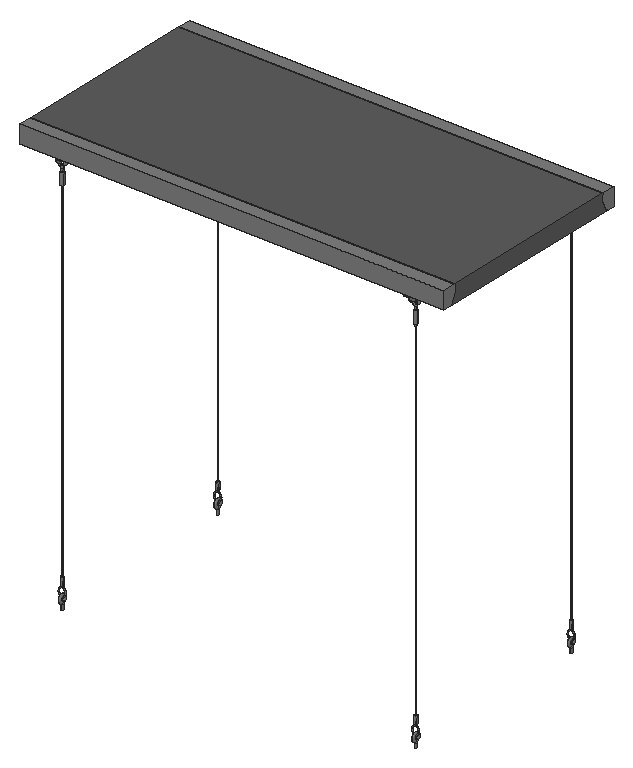
Revit family "Acoustic_Panels_Stratus_Primacoustic", category Generic Models, host Face, Revit 2026
Family settings
  Host = Face
  Can host rebar = No
  Round Connector Dimension = Use Diameter
  Part Type = Normal
  Cut with Voids When Loaded = No
  Maintain Annotation Orientation = No
  Shared = No
  Room Calculation Point = No
Parameters (values of type "Z840-1200-00")
  This panel is also available in kit form = yes
  Panel X1 [instance] = (Panel Width - 8.000") * sin(Panel Angle)  # 0.000"
  Panel Width = 48.000"
  URL = "https://www.primacoustic.com/"
  Panel Thickness = 2.000"
  Surface Area Coverage = "8 sq-ft (0.7 sq-meters)"  # constant formula
  Specification = "https://www.arcat.com/company/primacoustic-a-division-of-radial-engineering-ltd-53699/spec"
  Product name = "Stratus Studio Ceiling Cloud"
  Product Page URL = "https://www.arcat.com/arcatcos/cos53/arc53699.html"
  Part # = "Z840-1200-00"
  Panels per box = "1"
  Panel Material = 00_Black
  Panel Core Material = Panel Core
  Name = "Stratus"
  Model = "Z840-1200-00"
  Manufacturer = "Primacoustic"  # constant formula
  Keynote = "09 80 00"
  Hook Material = Hook
  Height X2 [instance] = Wire Length + Panel X1  # 46.000"
  Wire Length [instance] = 46.000"
  Finish = "Fabric"
  Edge options = "Square"
  Description = "Stratus Studio Ceiling Cloud"
  Panel Depth = 24.000"
  Default Elevation = 0.000"
  Datasheet = "https://www.primacoustic.com/wp-content/uploads/Stratus-EDS-08-2021.pdf"
  Copyright = "©Arcat Inc."  # constant formula
  Distance 1 [instance] = (Panel Width) / cos(Panel Angle)  # 48.000"
  Panel Angle [instance] = 0.00°
  CAD Details = "https://www.arcat.com/company/primacoustic-a-division-of-radial-engineering-ltd-53699/cad"
  Angle [instance] = if(Panel Angle < 0.00°, 0.00°, if(Panel Angle > 65.00°, 65.00°, Panel Angle))  # 0.00°
Types (4): name | Specification | Part # | Panel Material | Model
  Z840-1200-00 | "https://www.arcat.com/company/primacoustic-a-division-of-radial-engineering-ltd-53699/spec" | "Z840-1200-00" | 00_Black | "Z840-1200-00"
  Z840-1200-03 | "https://www.arcat.com/company/primacoustic-a-division-of-radial-engineering-ltd-53699/spec" | "Z840-1200-03" | 03_Beige | "Z840-1200-03"
  Z840-1200-08 | "https://www.arcat.com/company/primacoustic-a-division-of-radial-engineering-ltd-53699/spec" | "Z840-1200-08" | 08_Gray | "Z840-1200-08"
  Z840-1200-09 | "https://www.arcat.com/company/primacoustic-a-division-of-radial-engineering-ltd-53699/spec\r\nhttps://www.arcat.com/company/primacoustic-a-division-of-radial-engineering-ltd-53699/spec\r\nhttps://www.arcat.com/company/primacoustic-a-division-of-radial-engineering-ltd-53699/spec" | "Z840-1200-09" | 09_Paintable | "Z840-1200-09"
Reference planes (in)
  plane 1 "Center (Front/Back)": y = 12.70366
  plane 2: z = 0
  plane 3 "Center (Left/Right)": x = 0
  plane 4: y = 25.40732
  plane 5: y = 1.40732
  plane 6: x = -24
  plane 7: x = 24
  plane 8: x = 20
  plane 9: y = 21.40732
  plane 10: x = -20
  plane 11: y = 5.40732
  plane 12: z = 46
Lines and regions (in)
  reference lines
    curve 1: line (20, 12.70366, 46) -> (-111, 12.70366, 46)
Dimensions and locks (in)
  equal spacing: plane 6, plane 3 "Center (Left/Right)", plane 7
  plane 4 to plane 1 "Center (Front/Back)" to plane 5 = 12.70366", 11.29634"
  "Panel Depth": plane 4 to plane 5
  "Panel Width": plane 6 to plane 7
  locked: plane 4 to plane 9 at 4
  locked: plane 11 to plane 5 at 4
  locked: plane 6 to plane 10 at 4
  locked: plane 8 to plane 7 at 4
  "Wire Length": plane 12 to plane 2
  "Angle": angle curve 1 to plane 12
  aligned and locked: plane 2 to host face
  aligned and locked: level to host face
  aligned and locked: plane 12 to curve 1
  aligned and locked: plane 8 to curve 1
  aligned and locked: plane 9 to nested 1
Automatic sketch dimensions
  host sketch curve to host sketch curve = 0.11454"
  host sketch curve to host sketch curve = 0.06834"
Nested families (in)
  nested 1: "Stratus-Z840-1200-xx_Primacoustic" at (0, -13.59268, 46), type "Z840-1200-XX"
Definition of nested family "Stratus-Z840-1200-xx_Primacoustic"
  Parameters (values of type "Z840-1200-XX")
    Width = 48.000"
    URL = "https://www.primacoustic.com/"
    Thickness = 2.000"
    Test Data = ""
    Surface Area Coverage = ""
    Specification = ""
    SpecWizard = ""
    Slope = 0.00°
    Send Message = ""
    Sales Information = ""
    Rod Height = 46.000"
    Product name = ""
    Product Properties = ""
    Product Page URL = ""
    Product Documentation Link = ""
    Product Data = ""
    Part # = ""
    Panels per box = ""
    Panel Material = none
    Panel Core Material = none
    Model = ""
    Material = none
    Manufacturer Website = ""
    Manufacturer Phone - Toll Free = ""
    Manufacturer Phone = ""
    Manufacturer Fax = ""
    Manufacturer Address = ""
    Manufacturer = "Primacoustic"  # constant formula
    Installation-Fabrication = ""
    Hook Material = none
    Rod Height1 = 46.000"
    Green Building-LEED = ""
    Edge options = ""
    Description = ""
    Depth = 24.000"
    Default Elevation = 0.000"
    Copyright = "©Arcat Inc."  # constant formula
    Construction Details = ""
    Building Codes = ""
  Reference planes (in)
    plane 1 "Center (Front/Back)": y = 12
    plane 2: z = -0.58902
    plane 3 "Center (Left/Right)": x = 0
    plane 4: x = -24
    plane 5: x = 24
    plane 6: y = 36
    plane 7: y = 35
    plane 8: x = -20
    plane 9: x = 20
    plane 10: y = 24
    plane 11: y = 13
    plane 12: y = 34.5
    plane 13: y = 13.5
    plane 14: x = 22.5
    plane 15: x = -22.5
    plane 16 "Front Face": z = 2
    plane 17 "Rear Plane": z = 0
    plane 18: z = 1.25
    plane 19: z = -0.58902
    plane 20: z = -0.2997
    plane 21: z = -0.61254
    plane 22: y = 35.5
    plane 23: y = 12.5
    plane 24: x = -23.875
    plane 25: x = 23.875
    plane 26: y = 35.875
    plane 27: y = 12.125
    plane 28: x = -19.65625
    plane 29: x = 19.656
    plane 30: z = -0.80444
  Forms (in)
    Extrusion 1, solid
      sketch origin (0, 0, 0) x (1, 0, 0) y (0, 1, 0)
        loop
          line (-0.03191, 32.0173) -> (-0.03191, 31.98511) -> (0, 31.98511) -> (0, 32.0173) -> (-0.03191, 32.0173)
      from -0.58902 to -0.63964
    Extrusion 2, solid, material <- "Hook Material"
      sketch origin (20.01781, 32.01048, 0) x (0, -1, 0) y (-1, 0, 0)
        loop
          circle (-3.48952, 0.36181) r 0.125
      from 0 to 0.2997
    Extrusion 3, solid, material <- "Hook Material"
      sketch origin (-19.98219, 32.01048, 0) x (0, -1, 0) y (-1, 0, 0)
        loop
          circle (-3.48952, -0.32594) r 0.125
      from 0 to 0.2997
    Extrusion 4, solid, material <- "Hook Material"
      sketch origin (20.01781, -55.98952, 0) x (0, -1, 0) y (-1, 0, 0)
        loop
          circle (-68.48952, 0.36181) r 0.125
      from 0 to 0.2997
    Extrusion 5, solid, material <- "Hook Material"
      sketch origin (-19.98219, -55.98952, 0) x (0, -1, 0) y (-1, 0, 0)
        loop
          circle (-68.48952, -0.32594) r 0.125
      from 0 to 0.2997
    Sweep 6, solid, material <- "Hook Material"
      path origin (0, 0, 0) x (1, 0, 0) y (0, 1, 0)
        loop
          line (24, 36) -> (-24, 36)
      profile origin (0, 36, 0) x (0, -1, 0) y (0, 0, 1)
        loop
          line (0, 2) -> (0, 0) -> (1, 0) -> (1.5, 1.25) -> (1.5, 2) -> (0, 2)
    Sweep 7, solid, material <- "Hook Material"
      path origin (0, 48, 0) x (1, 0, 0) y (0, -1, 0)
        loop
          line (24, 36) -> (-24, 36)
      profile origin (0, 12, 0) x (0, -1, 0) y (0, 0, 1)
        loop
          line (0, 2) -> (-1.5, 2) -> (-1.5, 1.25) -> (-1, 0) -> (0, 0) -> (0, 2)
    Sweep 8, solid, material <- "Hook Material"
      path origin (0, 0, 0) x (1, 0, 0) y (0, 1, 0)
        loop
          line (20, 12.125) -> (20, 35.875)
      profile origin (20, 24, 0) x (-1, 0, 0) y (0, 0, 1)
        loop
          line (-0.0625, -0.73754) -> (0.0625, -0.73754) -> (0.0625, -0.25) -> (0.61254, -0.25) -> (0.61254, -0.125) -> (-0.0625, -0.125) -> (-0.0625, -0.73754)
    Sweep 9, solid, material <- "Hook Material"
      path origin (0, 0, 0) x (-1, 0, 0) y (0, 1, 0)
        loop
          line (20, 12.125) -> (20, 35.875)
      profile origin (-20, 24, 0) x (-1, 0, 0) y (0, 0, 1)
        loop
          line (0.0625, -0.73754) -> (0.0625, -0.125) -> (-0.61254, -0.125) -> (-0.61254, -0.25) -> (-0.0625, -0.25) -> (-0.0625, -0.73754) -> (0.0625, -0.73754)
    Extrusion 10, void
      sketch origin (0, 0, 0) x (0, 1, 0) y (0, 0, 1)
        loop
          line (36, -0.2997) -> (35.5, -0.80444) -> (36, -0.80444) -> (36, -0.2997)
        loop
          circle (35, -0.48513) r 0.18019
        loop
          line (12, -0.2997) -> (12, -0.80444) -> (12.5, -0.80444) -> (12, -0.2997)
        loop
          circle (13, -0.48513) r 0.18019
        loop
          circle (14.5, -0.48513) r 0.18019
        loop
          circle (33.5, -0.48513) r 0.18019
      from -22.5 to 22.5
    Extrusion 11, solid, material <- "Panel Material"
      sketch origin (0, 0, 0) x (0, 1, 0) y (0, 0, 1)
        loop
          line (13.5, 2) -> (13.5, 1.25) -> (13, 0) -> (35, 0) -> (34.5, 1.25) -> (34.5, 2) -> (13.5, 2)
      from -24 to 24
  Cuts and joins
    Extrusion 10 cuts Sweep 9
    Extrusion 10 cuts Sweep 8
  Lines and regions (in)
    reference lines
      curve 1: line (-20, 13, -0.58902) -> (-20, 13, -186.58902)
      curve 2: line (-20, 32, -0.58902) -> (-20, 32, -148.58902)
      curve 3: line (20, 13, -0.58902) -> (20, 13, -186.58902)
      curve 4: line (20, 32, -0.58902) -> (20, 32, -148.58902)
  Dimensions and locks (in)
    equal spacing: plane 4, plane 3 "Center (Left/Right)", plane 5
    "Width": plane 4 to plane 5
    plane 4 to plane 8 = 4.000"
    locked: plane 7 to plane 6 at 1
    plane 9 to plane 5 = 4.000"
    equal spacing: plane 1 "Center (Front/Back)", plane 10, plane 6
    "Depth": plane 1 "Center (Front/Back)" to plane 6
    locked: plane 1 "Center (Front/Back)" to plane 11 at 1
    locked: plane 12 to plane 6 at 1.5
    locked: plane 1 "Center (Front/Back)" to plane 13 at 1.5
    locked: plane 14 to plane 5 at 1.5
    locked: plane 4 to plane 15 at 1.5
    locked: plane 18 to plane 16 "Front Face" at 0.75
    "Thickness": plane 16 "Front Face" to plane 17 "Rear Plane"
    locked: plane 17 "Rear Plane" to plane 19 at 0.58902
    plane 20 to plane 19 to plane 21 = 0.28932" locked, 0.02352" locked
    locked: plane 22 to plane 6 at 0.5
    locked: plane 1 "Center (Front/Back)" to plane 23 at 0.5
    locked: plane 25 to plane 5 at 0.125
    locked: plane 4 to plane 24 at 0.125
    locked: plane 26 to plane 6 at 0.125
    locked: plane 1 "Center (Front/Back)" to plane 27 at 0.125
    locked: plane 8 to plane 28 at 0.34375
    locked: plane 29 to plane 9 at 0.344
    locked: plane 21 to plane 30 at 0.19189
    locked: Extrusion 10 sketch curve to plane 11 at 1.5
    locked: plane 7 to Extrusion 10 sketch curve at 1.5
    "Slope": angle plane 8 to curve 2
    "Slope": angle plane 8 to curve 1
    "Slope": angle plane 9 to curve 3
    "Slope": angle plane 9 to curve 4
    aligned and locked: plane 2 to Extrusion 1
    aligned and locked: plane 19 to curve 1
    aligned and locked: plane 19 to curve 2
    aligned and locked: plane 8 to curve 2
    aligned and locked: plane 2 to plane 19
    aligned and locked: plane 19 to curve 3
    aligned and locked: plane 19 to curve 4
    aligned and locked: plane 9 to curve 4
    aligned and locked: plane 11 to curve 3
    aligned and locked: plane 11 to curve 1
    aligned and locked: curve 2 to curve 1
    aligned and locked: curve 4 to curve 3
    aligned and locked: Sweep 6 sketch curve to plane 6
    aligned and locked: plane 16 "Front Face" to Sweep 6 sketch curve
    aligned and locked: plane 6 to Sweep 6 sketch curve
    aligned and locked: Sweep 6 sketch curve to plane 12
    aligned and locked: plane 9 to Sweep 8 sketch curve  (x2)
    aligned and locked: plane 8 to Sweep 9 sketch curve
    aligned and locked: plane 28 to Extrusion 5 sketch curve
    aligned and locked: plane 29 to Extrusion 4 sketch curve
    aligned and locked: plane 29 to Extrusion 2 sketch curve
    aligned and locked: plane 28 to Extrusion 3 sketch curve
    aligned and locked: Extrusion 4 to plane 20
    aligned and locked: Extrusion 2 to plane 20
    aligned and locked: Extrusion 5 to plane 20
    aligned and locked: Extrusion 3 to plane 20
    aligned and locked: plane 26 to Sweep 8 sketch curve
    aligned and locked: plane 27 to Sweep 8 sketch curve
    aligned and locked: plane 26 to Sweep 9 sketch curve
    aligned and locked: plane 27 to Sweep 9 sketch curve
    aligned and locked: plane 23 to Extrusion 5 sketch curve
    aligned and locked: plane 23 to Extrusion 4 sketch curve
    aligned and locked: plane 22 to Extrusion 2 sketch curve
    aligned and locked: plane 22 to Extrusion 3 sketch curve
    aligned and locked: plane 6 to Extrusion 10 sketch curve
    aligned and locked: plane 30 to Extrusion 10 sketch curve  (x4)
    aligned and locked: plane 7 to Extrusion 10 sketch curve
    aligned and locked: plane 20 to Extrusion 10 sketch curve  (x2)
    aligned and locked: Extrusion 10 sketch curve to plane 1 "Center (Front/Back)"
    aligned and locked: plane 11 to Extrusion 10 sketch curve
    aligned and locked: plane 15 to Extrusion 10
    aligned and locked: Extrusion 10 to plane 14
    aligned and locked: plane 5 to Sweep 6 sketch curve
    aligned and locked: plane 4 to Sweep 6 sketch curve
    aligned and locked: plane 18 to Sweep 6 sketch curve
    aligned and locked: plane 12 to Sweep 6 sketch curve
    aligned and locked: plane 17 "Rear Plane" to Sweep 6 sketch curve
    aligned and locked: plane 7 to Sweep 6 sketch curve
    aligned and locked: Sweep 7 sketch curve to plane 1 "Center (Front/Back)"
    aligned and locked: plane 5 to Sweep 7 sketch curve
    aligned and locked: plane 4 to Sweep 7 sketch curve
    aligned and locked: Sweep 7 sketch curve to plane 16 "Front Face"
    aligned and locked: plane 13 to Sweep 7 sketch curve  (x2)
    aligned and locked: plane 1 "Center (Front/Back)" to Sweep 7 sketch curve
    aligned and locked: plane 18 to Sweep 7 sketch curve
    aligned and locked: plane 17 "Rear Plane" to Sweep 7 sketch curve
    aligned and locked: plane 11 to Sweep 7 sketch curve
    aligned and locked: plane 16 "Front Face" to Extrusion 11 sketch curve
    aligned and locked: plane 12 to Extrusion 11 sketch curve  (x2)
    aligned and locked: Extrusion 11 sketch curve to plane 13
    aligned and locked: Extrusion 11 to plane 5
    aligned and locked: Extrusion 11 to plane 4
    aligned and locked: plane 18 to Extrusion 11 sketch curve  (x2)
    aligned and locked: plane 13 to Extrusion 11 sketch curve
    aligned and locked: Extrusion 11 sketch curve to plane 17 "Rear Plane"
    aligned and locked: plane 7 to Extrusion 11 sketch curve
    aligned and locked: plane 11 to Extrusion 11 sketch curve
    aligned and locked: plane 17 "Rear Plane" to Extrusion 11 sketch curve
  Automatic sketch dimensions
    Extrusion 1 sketch curve to Extrusion 1 sketch curve = 0.03191"
    Extrusion 1 sketch curve to Extrusion 1 sketch curve = 0.03219"
    profile plane to Sweep 8 sketch curve = 0.0625"
    Sweep 8 sketch curve to profile plane = 0.0625"
    Sweep 8 sketch curve to level = 0.250"
    Sweep 8 sketch curve to Sweep 8 sketch curve = 0.55004"
    Sweep 8 sketch curve to Sweep 8 sketch curve = 0.48754"
    Sweep 8 sketch curve to level = 0.125"
    Sweep 9 sketch curve to level = 0.250"
    profile plane to Sweep 9 sketch curve = 0.61254"
    profile plane to Sweep 9 sketch curve = 0.0625"
    Sweep 9 sketch curve to profile plane = 0.0625"
    Sweep 9 sketch curve to Sweep 9 sketch curve = 0.48754"
    Sweep 9 sketch curve to level = 0.125"
    plane 23 to Extrusion 10 sketch curve = 0.000"
    plane 2 to Extrusion 10 sketch curve = 0.10389"  (x4)
    plane 22 to Extrusion 10 sketch curve = 0.000"
    radius of Extrusion 2 sketch curve = 0.125"
    radius of Extrusion 5 sketch curve = 0.125"
    radius of Extrusion 3 sketch curve = 0.125"
    radius of Extrusion 4 sketch curve = 0.125"
    radius of Extrusion 10 sketch curve = 0.18019"  (x4)
  Nested families (in)
    nested 1: "Slipnot" at (-20, 13, -33.99134) x (0, 1, 0) z (0, 0, 1), type "Slipnot"
      with Length 46.000"
    nested 2: "Slipnot" at (-20, 35, -33.99134) x (0, 1, 0) z (0, 0, 1), type "Slipnot"
      with Length 46.000"
    nested 3: "Slipnot" at (20, 13, -33.97847) x (0, 1, 0) z (0, 0, 1), type "Slipnot 3"
      with Length 46.000"
    nested 4: "Slipnot" at (20, 35, -33.97847) x (0, 1, 0) z (0, 0, 1), type "Slipnot 3"
      with Length 46.000"
  Definition of nested family "Slipnot"
    Parameters (values of type "Slipnot")
      Material = none
      Length = 44.000"
      Default Elevation = 48.000"
    Types (2): name | Length
      Slipnot | 44.000"
      Slipnot 3 | 36.000"
    Reference planes (in)
      plane 1 "Center (Front/Back)": y = 0
      plane 2: z = -7.33113
      plane 3 "Center (Left/Right)": x = 0
      plane 4: z = 33.12891
      plane 5: z = -6.92938
      plane 6: z = 32.62156
      plane 7: z = 30.62872
      plane 8: z = 32.30495
      plane 9: z = 30.9612
      plane 10: z = -6.92938
      plane 11: z = -7.72603
      plane 12: z = -7.33113
      plane 13: z = 33.4063
      plane 14: z = -9.95414
      plane 15: z = 34.04586
      plane 16: z = -8.45414
      plane 17: z = -9.75734
      plane 18: z = -10.20414
    Forms (in)
      Revolve 1, solid, material <- "Material"
        sketch origin (0, 0, -0.60745) x (0, 1, 0) y (0, 0, 1)
          loop
            line (0, -6.32193) -> (-0.15, -6.32193) -> (-0.15, -7.11858) -> (0, -7.11858) -> (0, -6.32193)
          axis (0, -7.11858) -> (0, -6.32193)
        angle from 0 to 360
      Sweep 2, solid, material <- "Material"
        path origin (0, 0, 12.00622) x (0, 1, 0) y (0, 0, 1)
          loop
            line (0, 20.29873) -> (0, 20.61534)
            arc (0, 20.61534) -> (0.03089, 20.70962) -> (0.11159, 20.76734) r 0.15932
            arc (0.11159, 20.76734) -> (0.17236, 21.45285) -> (-0.35534, 21.0111) r 0.37245
        profile origin (0, 0, 32.46326) x (0, -1, 0) y (1, 0, 0)
          loop
            circle (0, 0) r 0.11273
      Revolve 3, solid, material <- "Material"
        sketch origin (0, 0, 12.61368) x (0, 1, 0) y (0, 0, 1)
          loop
            line (0, 18.34753) -> (0, 19.69128) -> (-0.06347, 19.69128) -> (-0.06347, 19.52378) -> (-0.18945, 19.52378) -> (-0.18945, 18.25708) -> (-0.07129, 18.25708) -> (-0.07129, 18.01504) -> (0, 18.01504) -> (0, 18.34753)
          axis (0, 19.69128) -> (0, 18.01504)
        angle from 0 to 360
      Revolve 4, solid, material <- "Material"
        sketch origin (0, 0, 0) x (0, 1, 0) y (0, 0, 1)
          loop
            line (0, 30.62872) -> (0, -6.92938) -> (0.03219, -6.92938) -> (0.03219, 30.62872) -> (0, 30.62872)
          axis (0, 30.62872) -> (0, -6.92938)
        angle from 0 to 360
      Extrusion 5, solid, material <- "Material"
        sketch origin (0, 0.05009, 0.04694) x (0, 1, 0) y (0, 0, 1)
          loop
            line (-0.03239, 32.76811) -> (-0.00725, 32.78705)
            arc (-0.00725, 32.78705) -> (-0.14022, 32.92237) -> (-0.22451, 33.09233) r 0.60233
            line (-0.22451, 33.09233) -> (-0.266, 33.06106)
            arc (-0.266, 33.06106) -> (-0.16507, 32.90193) -> (-0.03239, 32.76811) r 0.87454
        from -0.04495 to 0.04484
      Sweep 6, solid
        path origin (0, 1.84212, 0.05469) x (0, 1, 0) y (0, 0, 1)
          loop
            line (-1.89947, -7.06677) -> (-1.89947, -7.88225)
            arc (-1.89947, -7.88225) -> (-1.92333, -7.99488) -> (-1.99427, -8.08555) r 0.25517
            arc (-1.99427, -8.08555) -> (-2.09259, -8.18902) -> (-2.16061, -8.3145) r 0.54408
            arc (-2.16061, -8.3145) -> (-2.1965, -8.50882) -> (-2.16061, -8.70314) r 0.54408
            arc (-2.16061, -8.70314) -> (-2.02365, -8.88598) -> (-1.81087, -8.9691) r 0.41663
            arc (-1.81087, -8.9691) -> (-1.59809, -8.88598) -> (-1.46113, -8.70314) r 0.41663
            arc (-1.46113, -8.70314) -> (-1.42525, -8.50882) -> (-1.46113, -8.3145) r 0.54408
            arc (-1.46113, -8.3145) -> (-1.52916, -8.18902) -> (-1.62748, -8.08555) r 0.54408
            arc (-1.62748, -8.08555) -> (-1.76268, -7.91367) -> (-1.81087, -7.70035) r 0.49623
            line (-1.81087, -7.70035) -> (-1.81087, -7.14322)
        profile origin (0, 0.24403, -8.83129) x (0, -0.605311, 0.795989) y (1, 0, 0)
          loop
            circle (0, 0) r 0.0338
      Sweep 7, solid, material <- "Material"
        path origin (0.00148, -0.00148, -22.37268) x (1, 0, 0) y (0, 0, 1)
          loop
            line (-0.00148, 12.16855) -> (-0.00148, 12.74425)
            arc (-0.00148, 12.74425) -> (0.02941, 12.83853) -> (0.1101, 12.89625) r 0.15932
            arc (0.1101, 12.89625) -> (0.01045, 13.62385) -> (-0.1356, 12.90412) r 0.37245
        profile origin (0, -0.00148, -9.91629) x (-1, 0, 0) y (0, -1, 0)
          loop
            circle (0, 0) r 0.11273
    Cuts and joins
      joined: Sweep 2, Extrusion 5
    Dimensions and locks (in)
      locked: plane 4 to plane 6 at 0.50734
      locked: plane 4 to plane 8 at 0.82396
      plane 4 to plane 9 to plane 7 = 2.16771" locked, 0.33248" locked
      locked: plane 2 to plane 11 at 0.3949
      "Length": plane 15 to plane 14
      locked: plane 5 to plane 2 at 0.40174
      plane 4 to plane 7 = 2.50019"
      locked: plane 13 to plane 4 at 0.27739
      locked: plane 2 to plane 16 at 1.12301
      locked: plane 15 to plane 13 at 0.63957
      Sweep 2 sketch curve to Sweep 2 sketch curve to Sweep 2 sketch curve = 0.31661" locked, 0.152" locked
      locked: plane 1 "Center (Front/Back)" to Revolve 1 sketch curve at 0.15
      Sweep 6 sketch curve to Sweep 6 sketch curve to Sweep 6 sketch curve to Sweep 6 sketch curve to Sweep 6 sketch curve to Sweep 6 sketch curve to Sweep 6 sketch curve to Sweep 6 sketch curve to plane 16 to Sweep 6 sketch curve to Sweep 6 sketch curve to Sweep 6 sketch curve = 0.07645" locked, 0.55713" locked, 0.1819" locked, 0.2033" locked, 0.000" locked, 0.22895" locked, 0.000" locked, 0.19432" locked, 0.19432" locked, 0.000" locked, 0.26596" locked
      Sweep 6 sketch curve to Sweep 6 sketch curve to Sweep 6 sketch curve to Sweep 6 sketch curve to Sweep 6 sketch curve to Sweep 6 sketch curve to plane 1 "Center (Front/Back)" to Sweep 6 sketch curve to Sweep 6 sketch curve to Sweep 6 sketch curve to Sweep 6 sketch curve to Sweep 6 sketch curve = 0.000" locked, 0.16634" locked, 0.1834" locked, 0.000" locked, 0.000" locked, 0.03125" locked, 0.05735" locked, 0.000" locked, 0.0948" locked, 0.16634" locked, 0.000" locked
      locked: plane 16 to plane 14 at 1.5
      plane 14 to Sweep 7 sketch curve to Sweep 7 sketch curve to Sweep 7 sketch curve = 0.3257" locked, 0.152" locked, 0.35534" locked
      locked: Sweep 7 sketch curve to plane 3 "Center (Left/Right)" at 0.15932
      locked: plane 14 to plane 18 at 0.25
      aligned and locked: plane 11 to Revolve 1 sketch curve
      aligned and locked: Revolve 1 sketch curve to plane 10
      aligned and locked: Revolve 4 sketch curve to plane 5
      aligned and locked: plane 2 to plane 12
      aligned and locked: plane 10 to Revolve 1 sketch curve
      aligned and locked: plane 5 to plane 10
      aligned and locked: plane 3 "Center (Left/Right)" to Sweep 7 sketch curve  (x2)
      aligned and locked: plane 18 to Sweep 7 sketch curve
    Automatic sketch dimensions
      Revolve 1 sketch curve to plane 1 "Center (Front/Back)" = 0.000"  (x2)
      Revolve 1 sketch curve to Revolve 1 sketch curve = 0.52984"
      Revolve 1 sketch curve to Revolve 1 sketch curve = 0.250"
      Sweep 2 sketch curve to plane 1 "Center (Front/Back)" = 0.000"  (x2)
      plane 6 to Sweep 2 sketch curve = 0.000"
      Sweep 2 sketch curve to plane 4 = 0.000"
      Sweep 2 sketch curve to plane 4 = 0.11159"
      plane 1 "Center (Front/Back)" to Sweep 2 sketch curve = 0.35534"
      Sweep 2 sketch curve to profile plane = 0.000"  (x2)
      Revolve 3 sketch curve to plane 7 = 0.000"
      Revolve 3 sketch curve to plane 8 = 0.000"
      Revolve 3 sketch curve to plane 1 "Center (Front/Back)" = 0.000"  (x2)
      plane 9 to Revolve 3 sketch curve = 0.000"
      plane 1 "Center (Front/Back)" to Revolve 3 sketch curve = 0.06347"
      plane 1 "Center (Front/Back)" to Revolve 3 sketch curve = 0.07129"
      Revolve 3 sketch curve to Revolve 3 sketch curve = 0.12597"
      Revolve 3 sketch curve to plane 9 = 0.09045"
      Revolve 3 sketch curve to Revolve 3 sketch curve = 0.16749"
      plane 15 to Revolve 3 sketch curve = 0.16089"
      Revolve 3 sketch curve to Revolve 3 sketch curve = 0.250"
      Revolve 4 sketch curve to plane 1 "Center (Front/Back)" = 0.000"  (x2)
      Revolve 4 sketch curve to plane 7 = 0.000"
      Revolve 4 sketch curve to Revolve 4 sketch curve = 0.03219"
      Revolve 4 sketch curve to Revolve 4 sketch curve = 1.000"
      Revolve 4 sketch curve to Revolve 4 sketch curve = 0.500"
      Extrusion 5 sketch curve to plane 4 = 0.02091"
      plane 1 "Center (Front/Back)" to Extrusion 5 sketch curve = 0.21591"
      plane 4 to Extrusion 5 sketch curve = 0.01036"
      Extrusion 5 sketch curve to Extrusion 5 sketch curve = 0.04149"
      Extrusion 5 sketch curve to plane 1 "Center (Front/Back)" = 0.0177"
      Extrusion 5 sketch curve to Extrusion 5 sketch curve = 0.02514"
      Extrusion 5 sketch curve to plane 13 = 0.08774"
      Extrusion 5 sketch curve to plane 1 "Center (Front/Back)" = 0.40061"
      plane 13 to Extrusion 5 sketch curve = 0.08781"
      Extrusion 5 sketch curve to Extrusion 5 sketch curve = 0.16818"
      Sweep 6 sketch curve to Sweep 6 sketch curve = 0.000"  (x4)
      Sweep 6 sketch curve to Sweep 6 sketch curve = 0.25513"
      plane 1 "Center (Front/Back)" to Sweep 6 sketch curve = 0.00816"
      Sweep 6 sketch curve to plane 16 = 0.04552"
      Sweep 6 sketch curve to plane 3 "Center (Left/Right)" = 0.000"
      Sweep 6 sketch curve to profile plane = 0.000"
      Sweep 7 sketch curve to profile plane = 0.000"
      profile plane to Sweep 7 sketch curve = 0.000"
      Sweep 7 sketch curve to plane 3 "Center (Left/Right)" = 0.13412"
      Sweep 7 sketch curve to Sweep 7 sketch curve = 0.000"
      radius of Sweep 2 sketch curve = 0.11273"
      radius of Sweep 6 sketch curve = 0.0338"
      radius of Sweep 7 sketch curve = 0.11273"
